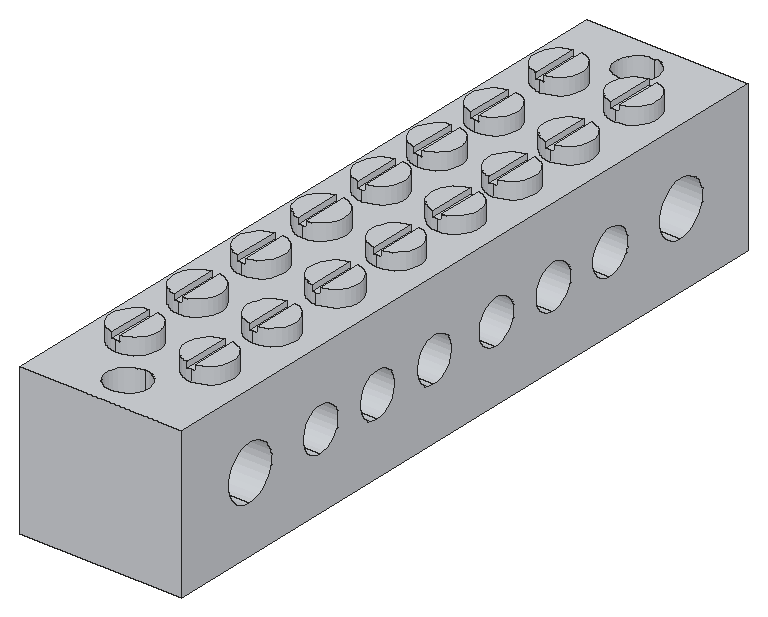
Revit family "EB8", category Generic Models, Revit 2017
Family settings
  Can host rebar = No
  Round Connector Dimension = Use Diameter
  Part Type = Normal
  Work Plane-Based = Yes
  Always vertical = No
  Cut with Voids When Loaded = No
  Shared = No
  Room Calculation Point = No
Parameters (values of type "NBS Standard Parameters")
  Weight = "0.142Kg"
  WarrantyStartDate [instance] = "1900-12-31T23:59:59"
  WarrantyGuarantorParts = "n/a"
  WarrantyGuarantorLabor = "n/a"
  WarrantyDurationUnit = "1 year"
  WarrantyDurationParts = "n/a"
  WarrantyDurationLabor = "n/a"
  WarrantyDescription = "n/a"
  Version = "1"
  Uniclass2 = "Pr_65_72_97_27"
  TagNumber [instance] = "n/a"
  SustainabilityPerformance = "n/a"
  Size = "0"
  Shape = "Rectangular"
  SerialNumber [instance] = "n/a"
  Revision = "n/a"
  ReplacementCost = "n/a"
  ProductInformation = "www.metpro.co.uk/pdf/eb8.pdf"
  NominalWidth = 20 mm
  NominalLength = 87 mm
  NominalHeight = 18.5 mm
  Name = ""
  NBSTypeID = ""
  NBSReference = "90-60-25/485"
  NBSOfficeMasterTag = ""
  NBSNote = ""
  NBSDescription = "Electrical Connection Boxes"
  NBSCertification = ""
  ModelReference = "EB8"
  ModelNumber = "n/a"
  Material = "Brass"
  ManufacturerURL = "www.metpro.co.uk"
  ManufacturerName = "Metpro Ltd"
  Keynote = "Comprises of Terminal Body and 2BA Screws"
  InstallationDate [instance] = "1900-12-31T23:59:59"
  IfcExportType = ""
  IfcExportAs = ""
  Grade = "n/a"
  Finish = "Nickel Plated"
  Features = "n/a"
  ExpectedLife = "n/a"
  DurationUnit = "year"
  Description = "EB8 - 8 Way Earth Block"
  Default Elevation = 1219.2 mm
  Constituents = "n/a"
  Color = "n/a"
  CodePerformance = "n/a"
  Category = "n/a"
  BarCode [instance] = "n/a"
  BIMObjectName = "Metpro_metprolibrary_electricalconnectionbox_connectorblock_brass"
  Author = "Metpro Limted"
  AssetType = ""
  AssetIdentifier [instance] = "n/a"
  AccessibilityPerformance = "n/a"
Reference planes
  plane 1 "Center (Front/Back)": y = 0
  plane 2: z = 0
  plane 3 "Center (Left/Right)": x = 0
Forms (mm)
  Extrusion 1, solid
    sketch origin (-10650.511, 180.485, 147.51) x (0, 0, -1) y (0, -1, 0)
      loop
        line (129.715, 1.556) -> (111.215, 1.556) -> (111.215, -85.944) -> (129.715, -85.944) -> (129.715, 1.556)
      loop
        circle (120.465, -75.502) r 3.4
      loop
        circle (120.465, -8.887) r 3.4
      loop
        circle (120.465, -64.553) r 2.75
      loop
        circle (120.465, -55.774) r 2.75
      loop
        circle (120.465, -46.969) r 2.75
      loop
        circle (120.465, -19.835) r 2.75
      loop
        circle (120.465, -28.614) r 2.75
      loop
        circle (120.465, -37.419) r 2.75
    from 0 to 20
  Extrusion 2, void
    sketch origin (-10650.511, 178.929, 36.295) x (-1, 0, 0) y (0, 1, 0)
      loop
        circle (10.225, 4.406) r 2.593
      loop
        circle (10.225, 83.094) r 2.593
    from 0 to 18.5
  Extrusion 3, solid
    sketch origin (-10650.511, 178.929, 36.295) x (0, 1, 0) y (-1, 0, 0)
      loop
        circle (76.51, 5.391) r 2.924
      loop
        circle (76.51, 14.609) r 2.924
      loop
        circle (66.451, 5.391) r 2.924
      loop
        circle (66.451, 14.609) r 2.924
      loop
        circle (57.655, 5.391) r 2.924
      loop
        circle (57.655, 14.609) r 2.924
      loop
        circle (48.987, 5.391) r 2.924
      loop
        circle (48.987, 14.609) r 2.924
      loop
        circle (39.793, 5.391) r 2.924
      loop
        circle (39.793, 14.609) r 2.924
      loop
        circle (30.379, 5.391) r 2.924
      loop
        circle (30.379, 14.609) r 2.924
      loop
        circle (20.62, 5.391) r 2.924
      loop
        circle (20.62, 14.609) r 2.924
      loop
        circle (10.983, 5.391) r 2.924
      loop
        circle (10.983, 14.609) r 2.924
    from 0 to 2
  Extrusion 4, void
    sketch origin (-10650.511, 178.929, 36.295) x (-1, 0, 0) y (0, 1, 0)
      loop
        line (15.156, 7.556) -> (15.156, 80.556) -> (14.156, 80.556) -> (14.156, 7.556) -> (15.156, 7.556)
      loop
        line (4.844, 7.556) -> (5.844, 7.556) -> (5.844, 80.556) -> (4.844, 80.556) -> (4.844, 7.556)
    from -1.34 to -4.374
Cuts and joins
  Extrusion 2, Extrusion 4 cuts Extrusion 1
  Extrusion 4 cuts Extrusion 3
Dimensions and locks
  aligned and locked: level to plane 2
